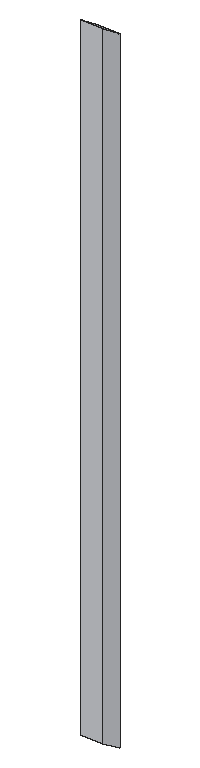
Revit family
Parameters (values of type "25mm")
  built-in parameter 1008623 [instance] = 32.47°
  built-in parameter 1008625 [instance] = (empty or 0)
  Post = no
  built-in parameter 1008624 [instance] = 32.47°
  Width = 25 mm
  Baluster Material = none
  built-in parameter 1008622 [instance] = 750 mm
Types (3, lengths in mm): name | Width
  (no name) | 25
  25mm | 25
  20mm | 20
Reference planes
  plane 1 "Center (Front/Back)": y = 0
  plane 2: z = 0
  plane 3 "Center (Left/Right)": x = 0
  plane 4 "Top": z = 750
  plane 5 "Top Angle Cut": through (0, 339.699, 533.838) normal (0, -0.5369, -0.8437)
  plane 6: z = 850
  plane 7: x = -25
  plane 8: x = 25
  plane 9: y = 25
  plane 10: y = -25
  plane 11 "Bottom Angle Cut": through (0, 0, 0) normal (0, -0.5369, -0.8437)
  plane 12: z = -100
Forms (mm)
  Extrusion 1, solid, material <- "Baluster Material"
    sketch origin (0, 0, 0) x (1, 0, 0) y (0, 1, 0)
      loop
        line (-12.5, 12.5) -> (-12.5, -12.5) -> (12.5, -12.5) -> (12.5, 12.5) -> (-12.5, 12.5)
    from -100 to 850
  Extrusion 2, void
    sketch origin (0, 0, 0) x (0, 1, 0) y (0, 0, 1)
      loop
        line (-25, 850) -> (-25, 765.908) -> (25, 734.092) -> (25, 850) -> (-25, 850)
      loop
        line (-25, -100) -> (25, -100) -> (25, -15.908) -> (-25, 15.908) -> (-25, -100)
    from -25 to 25
Cuts and joins
  Extrusion 2 cuts Extrusion 1
Dimensions and locks
  "built-in parameter 1008622": plane 2 to plane 4 "Top"
  locked: plane 4 "Top" to plane 6 at 100
  equal spacing: Extrusion 1 sketch curve, plane 3 "Center (Left/Right)", Extrusion 1 sketch curve
  equal spacing: Extrusion 1 sketch curve, plane 1 "Center (Front/Back)", Extrusion 1 sketch curve
  "Width": Extrusion 1 sketch curve to Extrusion 1 sketch curve  (x2)
  "Width": plane 7 to plane 3 "Center (Left/Right)"
  "Width": plane 3 "Center (Left/Right)" to plane 8
  "Width": plane 10 to plane 1 "Center (Front/Back)"
  "Width": plane 1 "Center (Front/Back)" to plane 9
  locked: level to plane 12 at 100
  "built-in parameter 1008623": angle plane 4 "Top" to plane 5 "Top Angle Cut"
  "built-in parameter 1008624": angle level to plane 11 "Bottom Angle Cut"
  aligned and locked: Extrusion 1 to plane 6
  aligned and locked: Extrusion 2 to plane 7
  aligned and locked: plane 8 to Extrusion 2
  aligned and locked: plane 6 to Extrusion 2 sketch curve
  aligned and locked: plane 9 to Extrusion 2 sketch curve
  aligned and locked: plane 10 to Extrusion 2 sketch curve  (x2)
  aligned and locked: Extrusion 2 sketch curve to plane 5 "Top Angle Cut"
  aligned and locked: plane 12 to Extrusion 1
  aligned and locked: plane 12 to Extrusion 2 sketch curve
  aligned and locked: Extrusion 2 sketch curve to plane 9
  aligned and locked: Extrusion 2 sketch curve to plane 11 "Bottom Angle Cut"
